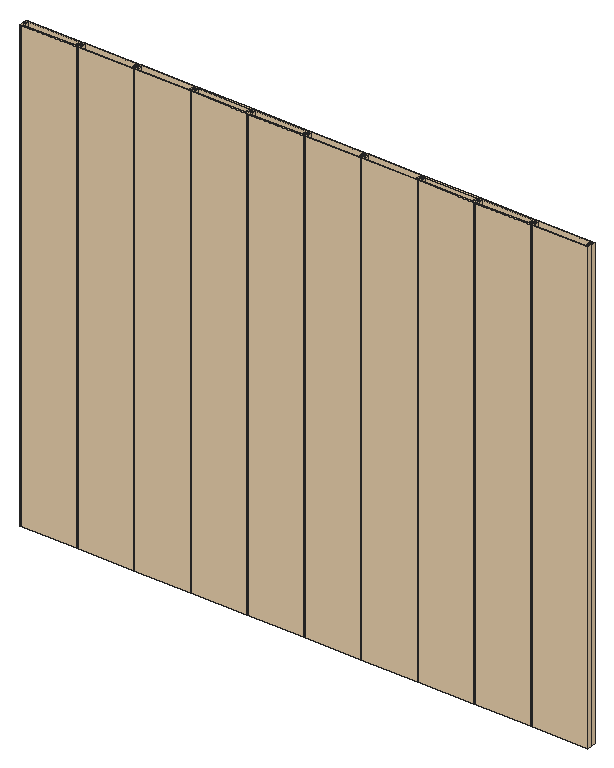
Revit family "Flat 120", category Mechanical Equipment, Revit 2017
Family settings
  Round Connector Dimension = Use Diameter
  Part Type = Normal
  Work Plane-Based = No
  Always vertical = Yes
  Cut with Voids When Loaded = No
  Shared = No
  Room Calculation Point = No
Parameters (values of type "Pine")
  URL = ""
  Single = Panel Number = 1  # no
  Panel Number = 10
  Distance between beam = 0 mm
  Array Number = if(Panel Number = 1, 2, Panel Number)  # 10
  Model = "Flat 120"
  Manufacturer = "gtoaluminum"
  Height = 1000 mm
  Finish = Pine, Scots
  Description = "This profile is ideal for both interior and exterior cladding. It is slightly wider than the Click 40, making it suitable for covering more substantial surfaces. It can cover cracks, peelings, and marks on walls without the need for wall treatment. It can be used for pergolas, fences, doors, ceilings, and both interior and exterior walls. It comes in different shades of wood and other colors or can be painted in a custom color. The installation is effortless, and the finishing looks seamless without any noticeable screws or marks."
  Bottom Offset = 50 mm
  Array = not(Single)  # yes
Types (8, lengths in mm): name | Panel Number | Distance between beam | Array Number | Height | Finish
  (no name) | 10 | 0 | 10 | 1000 | Pine, Scots
  Espresso | 5 | 0 | 5 | 3000 | Espresso
  Oak | 5 | 5 | 5 | 3000 | Wood (Oak)
  Pine | 10 | 0 | 10 | 1000 | Pine, Scots
  Gray | 5 | 5 | 5 | 3000 | Gray
  Charcol | 15 | 5 | 15 | 1500 | Charcol
  Matte | 5 | 5 | 5 | 3000 | Matte
  gloss | 10 | 5 | 10 | 1000 | Gloss
Reference planes
  plane 1 "Center (Front/Back)": y = 0
  plane 2: z = 0
  plane 3 "Center (Left/Right)": x = 0
  plane 4: x = 120
  plane 5: x = 120
Dimensions and locks
  equal spacing: group 1, group 2, group 3, group 4, group 5, group 6, group 7, group 8, group 9, group 10  (x3)
  locked: plane 3 "Center (Left/Right)" to plane 4 at 120
  "Distance between beam": plane 4 to plane 5
  aligned and locked: level to plane 2
  aligned and locked: plane 3 "Center (Left/Right)" to nested 1
  aligned and locked: plane 3 "Center (Left/Right)" to nested 3
  aligned and locked: plane 5 to nested 2
Nested families
  nested 1: "profile" at (0, 0, 0), visible <- "Array", type "profile"
    with Height 1000 mm
  nested 2: "profile" at (120, 0, 0), visible <- "Array", type "profile"
    with Height 1000 mm
  nested 3: "profile" at (0, 0, 0), visible <- "Single", type "profile"
    with Height 1000 mm
  nested 4: "profile" at (240, 0, 0), visible <- "Array", type "profile"
    with Height 1000 mm
  nested 5: "profile" at (360, 0, 0), visible <- "Array", type "profile"
    with Height 1000 mm
  nested 6: "profile" at (480, 0, 0), visible <- "Array", type "profile"
    with Height 1000 mm
  nested 7: "profile" at (600, 0, 0), visible <- "Array", type "profile"
    with Height 1000 mm
  nested 8: "profile" at (720, 0, 0), visible <- "Array", type "profile"
    with Height 1000 mm
  nested 9: "profile" at (840, 0, 0), visible <- "Array", type "profile"
    with Height 1000 mm
  nested 10: "profile" at (960, 0, 0), visible <- "Array", type "profile"
    with Height 1000 mm
  nested 11: "profile" at (1080, 0, 0), visible <- "Array", type "profile"
    with Height 1000 mm
Definition of nested family "profile"
  Parameters (values of type "profile")
    Height = 3000 mm
    Finish = none
    Bottom Offset = 50 mm
  Reference planes
    plane 1 "Center (Front/Back)": y = 0
    plane 2: z = 0
    plane 3 "Center (Left/Right)": x = 0
    plane 4: z = 3000
    plane 5: z = 50
  Forms (mm)
    Extrusion 1, solid, material <- "Finish"
      sketch origin (-100, 1.4, 0) x (1, 0, 0) y (0, 1, 0)
        loop
          line (218.8, 15.4) -> (101.2, 15.4) -> (101.2, 10.3) -> (106.2, 10.3) -> (106.2, 4.9) -> (101.2, 4.9) -> (101.2, -0.2) -> (218.8, -0.2) -> (218.8, 4.9) -> (213.8, 4.9) -> (213.8, 10.3) -> (218.8, 10.3) -> (218.8, 15.4)
        loop
          line (220, 16.6) -> (100, 16.6) -> (100, 9.1) -> (105, 9.1) -> (105, 6.1) -> (100, 6.1) -> (100, -1.4) -> (220, -1.4) -> (220, 6.1) -> (215, 6.1) -> (215, 9.1) -> (220, 9.1) -> (220, 16.6)
      from 50 to 3000
  Dimensions and locks
    "Height": plane 4 to plane 2
    "Bottom Offset": plane 5 to level
    aligned and locked: level to plane 2
    aligned and locked: Extrusion 1 to plane 4
    aligned and locked: plane 5 to Extrusion 1
  Automatic sketch dimensions
    Extrusion 1 sketch curve to Extrusion 1 sketch curve = 0 mm
    Extrusion 1 sketch curve to Extrusion 1 sketch curve = 1.2 mm  (x12)
    Extrusion 1 sketch curve to Extrusion 1 sketch curve = 3.8 mm  (x3)
    Extrusion 1 sketch curve to Extrusion 1 sketch curve = 112.6 mm
    Extrusion 1 sketch curve to plane 1 "Center (Front/Back)" = 0 mm
    Extrusion 1 sketch curve to Extrusion 1 sketch curve = 5.1 mm  (x3)
    Extrusion 1 sketch curve to Extrusion 1 sketch curve = 3 mm  (x2)
    plane 3 "Center (Left/Right)" to Extrusion 1 sketch curve = 0 mm
